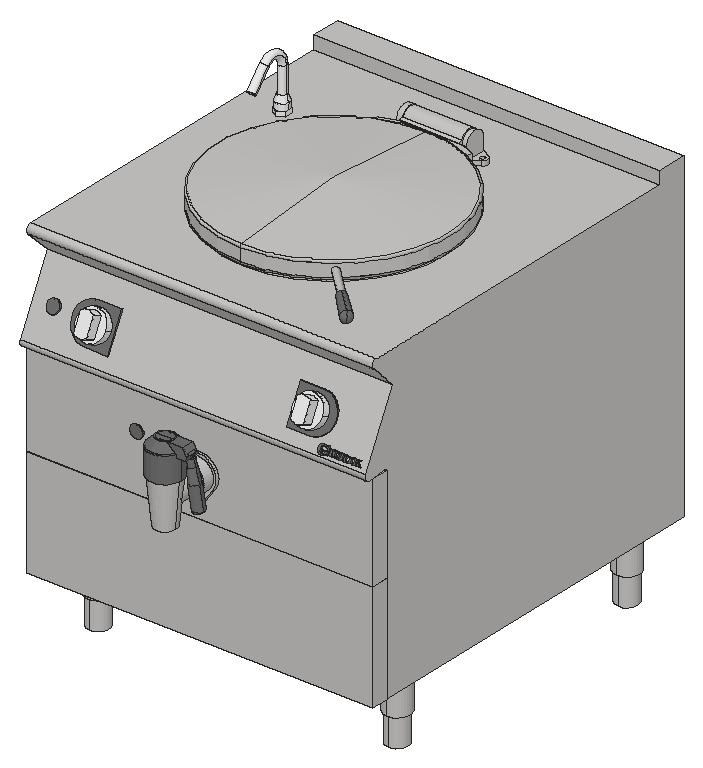
Revit family "QF_GIORIK_PGI910", category Specialty Equipment, Revit 2014
Parameters (values of type "PGI910")
  Weight in Pounds = 396.8316
  Waste Water Discharge Temperature [instance] = 0 °C
  URL Cutsheet = "www.giorik.com"
  URL = "www.giorik.com"
  Status [instance] = ""
  Specification by User [instance] = ""
  Specification by Manufacturer = ""
  Show Logo [instance] = yes
  Show Clearance [instance] = yes
  Serial Number = ""
  Seismic Rating = ""
  SMACNA No = ""
  Revision Code [instance] = ""
  Plumbing Remarks [instance] = ""
  Plumbing Connection Type [instance] = ""
  NAFEM Spec ID Number = ""
  Model = "PGI910"
  Masterspec = ""
  Manufacturer = "GIORIK"
  Item Number [instance] = ""
  Installed By [instance] = ""
  Indirect Waste Size = 3/4"
  Indirect Waste Flow = 0.0 L/s
  Indirect Waste Connection Type [instance] = ""
  Indirect Waste Connection Height [instance] = 0 mm
  Identify Quantity as Lot [instance] = no
  Hot Water Temperature = 0 °C
  Hot Water Size = 1/2"
  Hot Water RI Height [instance] = 0 mm
  Hot Water Minimum Pressure = 20000.0 Pa
  Hot Water Maximum Pressure = 50000.0 Pa
  Hot Water Flow = 0.0 L/s
  Hot Water Consumption = 0.0 L/s
  Hot Water Connection Height = 150 mm
  Gas Size = 1"
  Gas RI Height [instance] = 0 mm
  Gas KW = 21
  Gas Input = 21000 W
  Gas Connection Height [instance] = 150 mm
  Furnished By [instance] = ""
  Foodservice Equipment Identifier [instance] = yes
  Description = "100 LITRE GAS BOILING PAN - INDIRECT HEATING VERSION."
  Cold Water Temperature Recommended = 0 °C
  Cold Water Size = 1/2"
  Cold Water RI Height [instance] = 150 mm
  Cold Water Minimum Pressure = 20000.0 Pa
  Cold Water Maximum Pressure = 50000.0 Pa
  Cold Water Flow [instance] = 0.0 L/s
  Cold Water Consumption [instance] = ""
  Cold Water Connection Height [instance] = 150 mm
  CSI MasterFormat = ""
  Assembly Code = "E1090320"
Reference planes
  plane 1 "Back": y = 0
  plane 2: z = 0
  plane 3 "Left": x = 0
  plane 4 "Right": x = 800
  plane 5 "Front": y = -920
  plane 6 "Top": z = 900
Forms (mm)
  Extrusion 1, solid
    sketch origin (816, 1025.81, 0) x (-1, 0, 0) y (0, -1, 0)
      loop
        line (25, 1086.81) -> (115, 1086.81) -> (115, 1156.81) -> (25, 1156.81) -> (25, 1086.81)
    from 148 to 150
  Extrusion 2, solid
    sketch origin (816, 360.81, 0) x (-1, 0, 0) y (0, -1, 0)
      loop
        line (25, 1086.81) -> (115, 1086.81) -> (115, 1156.81) -> (25, 1156.81) -> (25, 1086.81)
    from 148 to 150
  Revolve 3, solid
    sketch origin (746, 360.81, 0) x (0, 1, 0) y (0, 0, 1)
      loop
        line (-1092.56, 66) -> (-1092.56, 148) -> (-1121.81, 148) -> (-1121.81, 0) -> (-1096.81, 0) -> (-1096.81, 66) -> (-1092.56, 66)
      axis (-1121.81, 0) -> (-1121.81, 148)
    angle from 0 to 360
  Revolve 4, solid
    sketch origin (746, 1025.81, 0) x (0, 1, 0) y (0, 0, 1)
      loop
        line (-1092.56, 66) -> (-1092.56, 148) -> (-1121.81, 148) -> (-1121.81, 0) -> (-1096.81, 0) -> (-1096.81, 66) -> (-1092.56, 66)
      axis (-1121.81, 0) -> (-1121.81, 148)
    angle from 0 to 360
  Extrusion 5, solid
    sketch origin (124, 1025.81, 0) x (-1, 0, 0) y (0, -1, 0)
      loop
        line (25, 1086.81) -> (115, 1086.81) -> (115, 1156.81) -> (25, 1156.81) -> (25, 1086.81)
    from 148 to 150
  Extrusion 6, solid
    sketch origin (124, 360.81, 0) x (-1, 0, 0) y (0, -1, 0)
      loop
        line (25, 1086.81) -> (115, 1086.81) -> (115, 1156.81) -> (25, 1156.81) -> (25, 1086.81)
    from 148 to 150
  Revolve 7, solid
    sketch origin (54, 360.81, 0) x (0, 1, 0) y (0, 0, 1)
      loop
        line (-1092.56, 66) -> (-1092.56, 148) -> (-1121.81, 148) -> (-1121.81, 0) -> (-1096.81, 0) -> (-1096.81, 66) -> (-1092.56, 66)
      axis (-1121.81, 0) -> (-1121.81, 148)
    angle from 0 to 360
  Revolve 8, solid
    sketch origin (54, 1025.81, 0) x (0, 1, 0) y (0, 0, 1)
      loop
        line (-1092.56, 66) -> (-1092.56, 148) -> (-1121.81, 148) -> (-1121.81, 0) -> (-1096.81, 0) -> (-1096.81, 66) -> (-1092.56, 66)
      axis (-1121.81, 0) -> (-1121.81, 148)
    angle from 0 to 360
  Revolve 9, solid
    sketch origin (400, -1035.878, 30.013) x (0, 1, 0) y (0, 0, 1)
      loop
        line (263, 839.987) -> (523.5, 839.987) -> (523.5, 911.488)
        arc (523.5, 911.488) -> (389.852, 905.568) -> (257.251, 887.853) r 1511.497
        arc (257.251, 887.853) -> (254.241, 886.302) -> (253.5, 882.997) r 4
        line (253.5, 882.997) -> (253.5, 853.492)
        arc (253.5, 853.492) -> (254.572, 849.465) -> (258.468, 847.987) r 4.564
        line (258.468, 847.987) -> (263, 847.987) -> (263, 839.987)
      axis (523.5, 911.488) -> (523.5, 839.987)
    angle from 0 to 360
  Extrusion 10, solid
    sketch origin (331, -1525.878, 20.013) x (0, 1, 0) y (0, 0, 1)
      loop
        line (1291, 862) -> (1321, 862)
        arc (1321, 862) -> (1341.196, 898.967) -> (1299.177, 895.988) r 24
        arc (1299.177, 895.988) -> (1295.549, 893.05) -> (1291, 892) r 10.377
        line (1291, 892) -> (1291, 862)
    from 0 to 138
  Extrusion 11, solid
    sketch origin (319, -1525.878, 20.013) x (0, 1, 0) y (0, 0, 1)
      loop
        line (1297, 850) -> (1345, 850) -> (1345, 886)
        arc (1345, 886) -> (1321, 910) -> (1297, 886) r 24
        line (1297, 886) -> (1297, 850)
    from 0 to 12
  Extrusion 12, solid
    sketch origin (0, -1525.878, 870.013) x (0, 1, 0) y (-1, 0, 0)
      loop
        line (1345, -319) -> (1330.367, -295.233)
        arc (1330.367, -295.233) -> (1321, -290) -> (1311.633, -295.233) r 11
        line (1311.633, -295.233) -> (1297, -319) -> (1345, -319)
      loop
        circle (1321, -301) r 5.5
    from 0 to 9
  Extrusion 13, solid
    sketch origin (800, -1525.878, 870.013) x (0, 1, 0) y (-1, 0, 0)
      loop
        line (1345, 319) -> (1297, 319) -> (1311.633, 295.233)
        arc (1311.633, 295.233) -> (1321, 290) -> (1330.367, 295.233) r 11
        line (1330.367, 295.233) -> (1345, 319)
      loop
        circle (1321, 301) r 5.5
    from 0 to 9
  Extrusion 14, solid
    sketch origin (469, -1525.878, 20.013) x (0, 1, 0) y (0, 0, 1)
      loop
        line (1297, 850) -> (1345, 850) -> (1345, 886)
        arc (1345, 886) -> (1321, 910) -> (1297, 886) r 24
        line (1297, 886) -> (1297, 850)
    from 0 to 12
  Extrusion 15, solid
    sketch origin (-20, -900, -21.499) x (1, 0, 0) y (0, 0, 1)
      loop
        arc (455.029, 495.06) -> (420, 563) -> (384.971, 495.06) r 43
        line (384.971, 495.06) -> (408.595, 461.88)
        arc (408.595, 461.88) -> (420, 456) -> (431.405, 461.88) r 14
        line (431.405, 461.88) -> (455.029, 495.06)
      loop
        circle (420, 470) r 5
    from 0 to 6
  Revolve 16, solid
    sketch origin (-20, -1000, -21.499) x (1, 0, 0) y (0, 0, 1)
      loop
        line (420, 560) -> (420, 490) -> (440, 490) -> (440, 454) -> (445, 454) -> (454.5, 560) -> (420, 560)
      axis (420, 454) -> (420, 560)
    angle from 0 to 360
  Revolve 17, solid
    sketch origin (-20, -1000, -21.499) x (1, 0, 0) y (0, 0, 1)
      loop
        line (420, 560) -> (459.015, 560) -> (459.015, 618.943)
        arc (459.015, 618.943) -> (458.824, 619.904) -> (458.279, 620.718) r 2.507
        line (458.279, 620.718) -> (440.712, 638.268)
        arc (440.712, 638.268) -> (439.901, 638.81) -> (438.944, 639) r 2.5
        line (438.944, 639) -> (420, 639) -> (420, 560)
      axis (420, 560) -> (420, 639)
    angle from 0 to 360
  Revolve 18, solid
    sketch origin (400, -100, -21.499) x (0, 1, 0) y (0, 0, 1)
      loop
        line (-900, 520) -> (-806, 520) -> (-806, 556) -> (-833.409, 556)
        arc (-833.409, 556) -> (-835.601, 555.494) -> (-837.349, 554.078) r 5
        line (-837.349, 554.078) -> (-839.034, 551.922)
        arc (-839.034, 551.922) -> (-840.782, 550.506) -> (-842.974, 550) r 5
        line (-842.974, 550) -> (-900, 550) -> (-900, 520)
      axis (-806, 520) -> (-900, 520)
    angle from 0 to 360
  Extrusion 19, solid
    sketch origin (0, -35.878, 882.013) x (0, 1, 0) y (-1, 0, 0)
      loop
        line (-213.194, -290.935) -> (-227.053, -296.675)
        arc (-227.053, -296.675) -> (-206.785, -400) -> (-227.053, -503.325) r 273.514
        line (-227.053, -503.325) -> (-213.194, -509.065)
        arc (-213.194, -509.065) -> (-204.722, -487.451) -> (-199, -464.952) r 186.513
        line (-199, -464.952) -> (-199, -335.048)
        arc (-199, -335.048) -> (-204.722, -312.549) -> (-213.194, -290.935) r 186.513
    from 0 to 30
  Extrusion 20, solid
    sketch origin (0, 1000, -19.915) x (0, 1, 0) y (0, 0, 1)
      loop
        line (-1000, 919.915) -> (-1070, 919.915) -> (-1070, 889.915) -> (-1888.806, 889.915)
        arc (-1888.806, 889.915) -> (-1898.967, 883.461) -> (-1897.445, 871.521) r 11.226
        line (-1897.445, 871.521) -> (-1840.876, 814.952) -> (-1918.948, 661.185)
        arc (-1918.948, 661.185) -> (-1918.233, 650.033) -> (-1908.118, 645.281) r 10.981
        line (-1908.118, 645.281) -> (-1860, 649.852) -> (-1860, 170) -> (-1000, 170) -> (-1000, 919.915)
    from 0 to 800
  Extrusion 21, solid
    sketch origin (820, -985, -21.499) x (-1, 0, 0) y (0, 0, -1)
      loop
        line (368, -639) -> (420, -639) -> (420, -614) -> (364, -614)
        arc (364, -614) -> (359.031, -616.301) -> (358, -621.679) r 6
        line (358, -621.679) -> (368, -639)
    from 0 to 30
  Revolve 22, solid
    sketch origin (820, -1000, -21.499) x (-1, 0, 0) y (0, 0, -1)
      loop
        line (365.701, -595.491) -> (367.06, -595.251) -> (364.458, -563.216) -> (355.081, -510.037)
        arc (355.081, -510.037) -> (353.847, -508.1) -> (351.605, -507.603) r 3
        line (351.605, -507.603) -> (342.25, -509.253) -> (357.704, -596.901) -> (361.964, -621.057) -> (364.84, -620.55) -> (363.426, -612.529) -> (368.546, -611.626) -> (365.701, -595.491)
      axis (361.964, -621.057) -> (342.25, -509.253)
    angle from 0 to 360
  Extrusion 23, solid
    sketch origin (820, -990, -21.499) x (-1, 0, 0) y (0, 0, -1)
      loop
        arc (360.934, -626.761) -> (371.174, -617.461) -> (358, -621.679) r 7.078
        line (358, -621.679) -> (360.934, -626.761)
    from 0 to 20
  Extrusion 24, solid
    sketch origin (0, -887.576, 0) x (1, 0, 0) y (0, 0, 1)
      loop
        circle (254.679, 532.341) r 15
    from 12.424 to 14.424
  Extrusion 25, solid
    sketch origin (-6.328, -1211.709, 64.567) x (1, 0, 0) y (0, 0.452718, 0.891654)
      loop
        circle (55.091, 725.192) r 15
    from 0 to 2
  Extrusion 26, solid
    sketch origin (-202.569, -1214.126, 65.696) x (1, 0, 0) y (0, 0.45351, 0.891251)
      loop
        circle (351.331, 721.346) r 35
    from 0 to 15
  Extrusion 27, solid
    sketch origin (-202.569, -1214.126, 65.696) x (1, 0, 0) y (0, 0.45351, 0.891251)
      loop
        line (336.331, 743.846) -> (336.331, 698.846)
        arc (336.331, 698.846) -> (351.331, 693.846) -> (366.331, 698.846) r 25
        line (366.331, 698.846) -> (366.331, 743.846)
        arc (366.331, 743.846) -> (351.331, 748.846) -> (336.331, 743.846) r 25
    from 15 to 40
  Extrusion 28, solid
    sketch origin (-270.935, -1168.775, 43.101) x (1, 0, 0) y (0, 0.452718, 0.891654)
      loop
        line (463.221, 676.25) -> (463.221, 766.25) -> (409.698, 766.25)
        arc (409.698, 766.25) -> (364.698, 721.25) -> (409.698, 676.25) r 45
        line (409.698, 676.25) -> (463.221, 676.25)
    from 48 to 50
  Extrusion 29, solid
    sketch origin (1002.569, -1214.126, 65.696) x (-1, 0, 0) y (0, -0.45351, -0.891251)
      loop
        circle (351.331, -721.346) r 35
    from 0 to 15
  Extrusion 30, solid
    sketch origin (1002.569, -1214.126, 65.696) x (-1, 0, 0) y (0, -0.45351, -0.891251)
      loop
        arc (336.331, -743.846) -> (351.331, -748.846) -> (366.331, -743.846) r 25
        line (366.331, -743.846) -> (366.331, -698.846)
        arc (366.331, -698.846) -> (351.331, -693.846) -> (336.331, -698.846) r 25
        line (336.331, -698.846) -> (336.331, -743.846)
    from 15 to 40
  Extrusion 31, solid
    sketch origin (1070.935, -1168.775, 43.101) x (-1, 0, 0) y (0, -0.452718, -0.891654)
      loop
        line (463.221, -676.25) -> (409.698, -676.25)
        arc (409.698, -676.25) -> (364.698, -721.25) -> (409.698, -766.25) r 45
        line (409.698, -766.25) -> (463.221, -766.25) -> (463.221, -676.25)
    from 48 to 50
  Extrusion 32, solid, visible <- "Show Logo"
    sketch origin (591.604, -936.761, 608.448) x (-1, 0, 0) y (0, 0.452718, 0.891654)
      loop
        line (-118.824, 58.358) -> (-127.804, 58.358) -> (-125.523, 56.445) -> (-125.523, 48.027) -> (-127.804, 46.113) -> (-118.824, 46.113) -> (-121.105, 48.027) -> (-121.105, 56.445) -> (-118.824, 58.358)
      loop
        line (-163.721, 58.358) -> (-172.7, 58.358) -> (-170.42, 56.445) -> (-170.42, 48.027) -> (-172.7, 46.113) -> (-163.721, 46.113) -> (-166.001, 48.027) -> (-166.001, 56.445) -> (-163.721, 58.358)
      loop
        line (-174.332, 58.358) -> (-183.312, 58.358) -> (-181.031, 56.445) -> (-181.031, 52.435) -> (-186.419, 56.955) -> (-184.416, 58.358) -> (-191.268, 58.358) -> (-188.01, 56.839) -> (-185.455, 54.283) -> (-190.846, 47.858) -> (-193.396, 46.93) -> (-193.396, 46.113) -> (-184.416, 46.113) -> (-185.437, 47.571) -> (-182.443, 51.552) -> (-181.031, 50.894) -> (-181.031, 48.027) -> (-183.312, 46.113) -> (-174.332, 46.113) -> (-176.613, 48.027) -> (-176.613, 56.445) -> (-174.332, 58.358)
      loop
        line (-115.429, 62.063) -> (-115.429, 54.198)
        arc (-115.429, 54.198) -> (-111.618, 57.803) -> (-106.847, 59.986) r 16.039
        arc (-106.847, 59.986) -> (-103.314, 59.837) -> (-100.512, 57.68) r 5.851
        arc (-100.512, 57.68) -> (-98.815, 52.267) -> (-100.512, 46.853) r 9.479
        arc (-100.512, 46.853) -> (-102.406, 44.986) -> (-104.846, 43.93) r 7.236
        arc (-104.846, 43.93) -> (-107.728, 44.111) -> (-110.052, 45.825) r 5.11
        line (-110.052, 45.825) -> (-110.052, 52.001) -> (-116.141, 52.001) -> (-116.141, 45.503) -> (-117.893, 43.751) -> (-114.094, 44.769)
        arc (-114.094, 44.769) -> (-112.56, 44.947) -> (-111.129, 44.366) r 3.115
        arc (-111.129, 44.366) -> (-104.216, 42.091) -> (-97.303, 44.366) r 11.641
        arc (-97.303, 44.366) -> (-93.396, 52.107) -> (-97.303, 59.849) r 9.622
        arc (-97.303, 59.849) -> (-104.369, 62.174) -> (-111.435, 59.849) r 11.898
        line (-111.435, 59.849) -> (-115.429, 62.063)
      loop
        arc (-129.234, 56.068) -> (-135.893, 58.628) -> (-142.552, 56.068) r 9.941
        arc (-142.552, 56.068) -> (-144.234, 52.286) -> (-142.552, 48.505) r 5.093
        arc (-142.552, 48.505) -> (-135.893, 45.945) -> (-129.234, 48.505) r 9.941
        arc (-129.234, 48.505) -> (-127.552, 52.286) -> (-129.234, 56.068) r 5.093
      loop
        arc (-132.628, 54.403) -> (-135.893, 57.668) -> (-139.158, 54.403) r 3.265
        line (-139.158, 54.403) -> (-139.158, 50.169)
        arc (-139.158, 50.169) -> (-135.893, 46.904) -> (-132.628, 50.169) r 3.265
        line (-132.628, 50.169) -> (-132.628, 54.403)
      loop
        arc (-156.363, 58.365) -> (-159.647, 55.081) -> (-156.363, 51.796) r 3.285
        line (-156.363, 51.796) -> (-159.529, 47.306) -> (-162.087, 46.113) -> (-155.847, 46.113) -> (-153.529, 51.083) -> (-150.637, 51.083) -> (-150.637, 47.784) -> (-153.022, 46.113) -> (-144.011, 46.113) -> (-146.094, 47.68) -> (-146.094, 56.493) -> (-144.229, 58.365) -> (-156.363, 58.365)
      loop
        line (-150.637, 57.512) -> (-153.637, 57.512)
        arc (-153.637, 57.512) -> (-156.237, 54.912) -> (-153.637, 52.312) r 2.6
        line (-153.637, 52.312) -> (-150.637, 52.312) -> (-150.637, 57.512)
      loop
        line (-108.924, 52.001) -> (-104.936, 49.005) -> (-100.948, 52.001) -> (-108.924, 52.001)
    from 1.5 to -0.5
  Revolve 33, solid
    sketch origin (735, -285.878, -15) x (-1, 0, 0) y (0, 0, -1)
      loop
        line (635, -895) -> (635, -925) -> (645, -925) -> (650, -910) -> (650, -895) -> (635, -895)
      axis (635, -925) -> (635, -895)
    angle from 0 to 360
  Sweep 34, solid
    path origin (100, -48.878, -15) x (0, 1, 0) y (0, 0, -1)
      loop
        line (-237, -925) -> (-237, -986.382)
        arc (-237, -986.382) -> (-256.494, -1014.482) -> (-289.641, -1006.064) r 30
        line (-289.641, -1006.064) -> (-326.852, -963.258)
    profile origin (100, -285.878, 940.691) x (0, 1, 0) y (-1, 0, 0)
      loop
        circle (0, 0) r 9
  Extrusion 35, solid
    sketch origin (1534.526, 259.652, 885) x (0.975272, 0.221007, 0) y (-0.221007, 0.975272, 0)
      loop
        line (-1502.427, -209.668) -> (-1515.641, -197.445) -> (-1532.833, -202.777) -> (-1536.811, -220.332) -> (-1523.598, -232.555) -> (-1506.406, -227.223) -> (-1502.427, -209.668)
    from -15 to -5
  Extrusion 36, solid
    sketch origin (0, -200, 0) x (0, 1, 0) y (0, 0, 1)
      loop
        line (-660, 624.427) -> (-700, 624.427) -> (-700, 401.427) -> (-660, 401.427) -> (-660, 624.427)
    from 0 to 800
  Extrusion 37, solid
    sketch origin (0, -200, -240) x (0, 1, 0) y (0, 0, 1)
      loop
        line (-660, 640) -> (-700, 640) -> (-700, 390) -> (-660, 390) -> (-660, 640)
    from 0 to 800
  Extrusion 38, solid
    sketch origin (130, -300, 100.085) x (0, 1, 0) y (-1, 0, 0)
      loop
        circle (0, 0) r 6.5
    from 30 to 50
  Extrusion 39, solid
    sketch origin (50, -320, 100.085) x (0, 1, 0) y (-1, 0, 0)
      loop
        circle (-160, 0) r 12.5
    from 30 to 50
  Extrusion 40, solid
    sketch origin (104, -257, 100.085) x (0, 1, 0) y (-1, 0, 0)
      loop
        circle (-70, 0) r 6.5
    from 30 to 50
  Extrusion 41, solid, visible <- "Show Clearance", detail levels coarse
    sketch origin (130, -100, 70.961) x (0, 1, 0) y (0, 0, 1)
      loop
        arc (-80.878, 1446.904) -> (-506.111, 1271.7) -> (-682.378, 846.906) r 600
        line (-682.378, 846.906) -> (-80.878, 846.906) -> (-80.878, 1446.904)
    from 0 to 540
  Extrusion 42, solid
    sketch origin (170, -585, 900) x (0, 1, 0) y (-1, 0, 0)
      loop
        circle (0, 0) r 12.5
    from -750 to -769.915
  Revolve 43, solid
    sketch origin (160.983, -309.817, -52.393) x (-0.707107, 0.707107, 0) y (0, 0, -1)
      loop
        line (-671.931, -950.485) -> (-763.471, -950.485)
        arc (-763.471, -950.485) -> (-759.812, -959.317) -> (-750.98, -962.976) r 12.491
        line (-750.98, -962.976) -> (-671.931, -960.125) -> (-671.931, -950.485)
      axis (-671.931, -950.485) -> (-763.471, -950.485)
    angle from 0 to 360
  Extrusion 44, solid
    sketch origin (1359.702, -377.165, -52.393) x (-0.707107, -0.707107, 0) y (0, 0, -1)
      loop
        circle (800, -950.485) r 7.5
    from -223.314 to -315.051
Lines and regions (mm)
  symbolic lines, style "200-EquipBorder-2D"
    curve 1: line (0, -920, 0) -> (800, -920, 0)
    curve 2: line (800, -920, 0) -> (800, 0, 0)
    curve 3: line (800, 0, 0) -> (0, 0, 0)
    curve 4: line (0, 0, 0) -> (0, -920, 0)
    curve 40: arc (436.017, -985, 900) -> (360.985, -1000, 900) -> (436.017, -1015, 900) r 39.015
    curve 41: line (400, -1015, 900) -> (462.241, -1015, 900)
    curve 42: line (400, -985, 900) -> (400, -1015, 900)
    curve 43: line (462.241, -985, 900) -> (400, -985, 900)
    curve 44: line (462.241, -985, 900) -> (462.241, -1015, 900)
    curve 45: line (430.006, -975.063, 900) -> (430.006, -943.838, 900)
    curve 46: line (435.935, -933.569, 900) -> (435.935, -920, 900)
    curve 47: line (369.994, -975.063, 900) -> (369.994, -943.838, 900)
    curve 48: line (364.008, -933.469, 900) -> (364.008, -920, 900)
    curve 49: arc (369.994, -943.838, 900) -> (369.061, -940.356, 900) -> (366.512, -937.806, 900) r 6.965
    curve 50: arc (366.512, -937.806, 900) -> (364.679, -935.973, 900) -> (364.008, -933.469, 900) r 5.008
    curve 51: arc (430.006, -943.838, 900) -> (430.791, -940.279, 900) -> (433.481, -937.819, 900) r 6.041
    curve 52: arc (433.481, -937.819, 900) -> (435.38, -936.082, 900) -> (435.935, -933.569, 900) r 4.265
    curve 53: line (477.501, -987.499, 900) -> (467.858, -987.499, 900)
    curve 54: line (467.858, -1012.499, 900) -> (477.501, -1012.499, 900)
    curve 55: arc (477.501, -1012.499, 900) -> (490.001, -999.999, 900) -> (477.501, -987.499, 900) r 12.5
    curve 56: arc (467.858, -987.499, 900) -> (464.972, -987.837, 900) -> (462.241, -988.832, 900) r 12.5
    curve 57: arc (462.241, -1011.166, 900) -> (464.972, -1012.162, 900) -> (467.858, -1012.499, 900) r 12.5
    curve 73: line (163.763, -932.843, 900) -> (163.763, -920, 900)
    curve 74: arc (163.763, -932.843, 900) -> (148.758, -935.182, 900) -> (133.763, -932.783, 900) r 48.682
    curve 75: arc (636.237, -932.843, 900) -> (651.241, -935.173, 900) -> (666.237, -932.801, 900) r 49.042
    curve 76: line (636.237, -932.843, 900) -> (636.237, -920, 900)
    curve 77: line (133.763, -932.783, 900) -> (133.763, -920, 900)
    curve 78: line (666.237, -932.801, 900) -> (666.237, -920, 900)
  symbolic lines, style "200-EquipInternal-2D"
    curve 5: line (171.031, -35, 900) -> (629, -35, 900)
    curve 6: line (629, -32, 900) -> (171.031, -32, 900)
    curve 7: line (168, -25, 900) -> (632, -25, 900)
    curve 8: line (632, -22, 900) -> (168, -22, 900)
    curve 9: line (165, -15, 900) -> (635, -15, 900)
    curve 10: line (635, -12, 900) -> (165, -12, 900)
    curve 11: line (168, -22, 900) -> (168, -25, 900)
    curve 12: line (171.031, -32, 900) -> (171.031, -35, 900)
    curve 13: line (165, -12, 900) -> (165, -15, 900)
    curve 14: line (635, -15, 900) -> (635, -12, 900)
    curve 15: line (632, -25, 900) -> (632, -22, 900)
    curve 16: line (629, -35, 900) -> (629, -32, 900)
    curve 17: line (0, -70, 900) -> (800, -70, 900)
    curve 18: arc (400, -782.378, 900) -> (130, -512.378, 900) -> (400, -242.378, 900) r 270
    curve 19: arc (400, -246.129, 900) -> (133.751, -512.378, 900) -> (400, -778.627, 900) r 266.249
    curve 20: arc (400, -778.627, 900) -> (666.249, -512.378, 900) -> (400, -246.129, 900) r 266.249
    curve 21: arc (400, -242.378, 900) -> (670, -512.378, 900) -> (400, -782.378, 900) r 270
    curve 22: line (290.935, -249.072, 900) -> (296.675, -262.931, 900)
    curve 23: arc (335.048, -234.878, 900) -> (312.549, -240.6, 900) -> (290.935, -249.072, 900) r 186.513
    curve 24: line (295.233, -214.245, 900) -> (319, -228.878, 900)
    curve 25: arc (295.233, -195.511, 900) -> (290, -204.878, 900) -> (295.233, -214.245, 900) r 11
    curve 26: line (319, -180.878, 900) -> (295.233, -195.511, 900)
    curve 27: arc (301, -199.378, 900) -> (306.5, -204.878, 900) -> (301, -210.378, 900) r 5.5
    curve 28: arc (301, -210.378, 900) -> (295.5, -204.878, 900) -> (301, -199.378, 900) r 5.5
    curve 29: line (481, -180.878, 900) -> (319, -180.878, 900)
    curve 30: line (319, -228.878, 900) -> (331, -228.878, 900)
    curve 31: line (469, -234.878, 900) -> (331, -234.878, 900)
    curve 32: line (469, -228.878, 900) -> (481, -228.878, 900)
    curve 33: line (481, -228.878, 900) -> (504.767, -214.245, 900)
    curve 34: arc (499, -210.378, 900) -> (493.5, -204.878, 900) -> (499, -199.378, 900) r 5.5
    curve 35: arc (499, -199.378, 900) -> (504.5, -204.878, 900) -> (499, -210.378, 900) r 5.5
    curve 36: arc (504.767, -214.245, 900) -> (510, -204.878, 900) -> (504.767, -195.511, 900) r 11
    curve 37: line (504.767, -195.511, 900) -> (481, -180.878, 900)
    curve 38: line (469, -234.878, 900) -> (469, -228.878, 900)
    curve 39: line (331, -234.878, 900) -> (331, -228.878, 900)
    curve 58: line (84.412, -276.878, 900) -> (84.412, -294.878, 900)
    curve 59: line (100, -267.878, 900) -> (84.412, -276.878, 900)
    curve 60: line (115.588, -276.878, 900) -> (100, -267.878, 900)
    curve 61: line (115.588, -294.878, 900) -> (115.588, -276.878, 900)
    curve 62: arc (91, -285.878, 900) -> (100, -276.878, 900) -> (109, -285.878, 900) r 9
    curve 63: spline (109, -375.73, 900) -> (108.693, -377.488, 900) -> (107.794, -379.126, 900) -> (106.364, -380.533, 900) -> (104.5, -381.612, 900) -> (102.329, -382.291, 900) -> (100, -382.522, 900) -> (97.671, -382.291, 900) -> (95.5, -381.612, 900) -> (93.636, -380.533, 900) -> (92.206, -379.126, 900) -> (91.307, -377.488, 900) -> (91, -375.73, 900)
    curve 64: line (109, -285.878, 900) -> (109, -375.73, 900)
    curve 65: line (91, -375.73, 900) -> (91, -285.878, 900)
    curve 66: line (84.412, -294.878, 900) -> (91, -298.682, 900)
    curve 67: line (109, -298.682, 900) -> (115.588, -294.878, 900)
    curve 68: arc (509.065, -249.072, 900) -> (487.451, -240.6, 900) -> (464.952, -234.878, 900) r 186.513
    curve 69: line (503.325, -262.931, 900) -> (509.065, -249.072, 900)
    curve 70: arc (115, -285.878, 900) -> (113.416, -292.586, 900) -> (109, -297.878, 900) r 15
    curve 71: arc (85, -285.878, 900) -> (100, -270.878, 900) -> (115, -285.878, 900) r 15
    curve 72: arc (91, -297.878, 900) -> (86.584, -292.586, 900) -> (85, -285.878, 900) r 15
    curve 79: line (642.926, -778.127, 900) -> (629.294, -791.759, 900)
    curve 80: line (629.294, -791.759, 900) -> (683.174, -849.672, 900)
    curve 81: line (642.926, -778.127, 900) -> (700.839, -832.008, 900)
    curve 82: arc (700.839, -832.008, 900) -> (700.831, -849.665, 900) -> (683.174, -849.672, 900) r 12.491
    curve 83: line (641.413, -779.64, 900) -> (576.546, -714.773, 900)
    curve 84: line (630.807, -790.247, 900) -> (565.939, -725.379, 900)
Dimensions and locks
  plane 3 "Left" to plane 4 "Right" = 800 mm
  plane 5 "Front" to plane 1 "Back" = 920 mm
  plane 4 "Right" to plane 3 "Left" = 800 mm
  plane 1 "Back" to plane 5 "Front" = 920 mm
  plane 6 "Top" to level = 900 mm  (x2)
  aligned and locked: level to plane 2
Connectors
  piping at (130, -300, 130.085), diameter 12.7, driven by "Hot Water Size", driven by "Hot Water Flow"
    settings: on Extrusion 38, index 1, connector inside diameter 24", connector length 0 mm, flow factor 0, pipe flow 0.0 L/s, pressure drop 0.0 Pa, fitting loss kfactor 0, connector angle 0.00°, fixture units 0, engagement length 0 mm, angle of deflection 0.00°, flow configuration 1, flow direction 1, fitting loss method 0, system type 19, joint type 0, gender type 0, connector reference index -1, connector utility 0, adjustable connector no, is connector primary yes, connector description "Hot Water Inlet"
  piping at (104, -327, 130.085), diameter 12.7, driven by "Cold Water Size", driven by "Cold Water Flow"
    settings: on Extrusion 40, index 2, connector inside diameter 24", connector length 0 mm, flow factor 0, pipe flow 0.0 L/s, pressure drop 0.0 Pa, fitting loss kfactor 0, connector angle 0.00°, fixture units 0, engagement length 0 mm, angle of deflection 0.00°, flow configuration 1, flow direction 1, fitting loss method 0, system type 20, joint type 0, gender type 0, connector reference index -1, connector utility 0, adjustable connector no, is connector primary no, connector description "Cold Water Inlet"
  piping at (50, -480, 130.085), diameter 25.4, driven by "Gas Size"
    settings: on Extrusion 39, index 3, connector inside diameter 24", connector length 0 mm, flow factor 0, pipe flow 0.0 L/s, pressure drop 0.0 Pa, fitting loss kfactor 0, connector angle 0.00°, fixture units 0, engagement length 0 mm, angle of deflection 0.00°, flow configuration 1, flow direction 1, fitting loss method 0, system type 22, joint type 0, gender type 0, connector reference index -1, connector utility 0, adjustable connector no, is connector primary no, connector description "Gas Inlet"
  piping at (170, -585, 130.085), diameter 19.05, driven by "Indirect Waste Size", driven by "Indirect Waste Flow"
    settings: on Extrusion 42, index 4, connector inside diameter 24", connector length 0 mm, flow factor 0, pipe flow 0.0 L/s, pressure drop 0.0 Pa, fitting loss kfactor 0, connector angle 0.00°, fixture units 0, engagement length 0 mm, angle of deflection 0.00°, flow configuration 1, flow direction 2, fitting loss method 0, system type 16, joint type 0, gender type 0, connector reference index -1, connector utility 0, adjustable connector no, is connector primary no, connector description "Drain connection"
